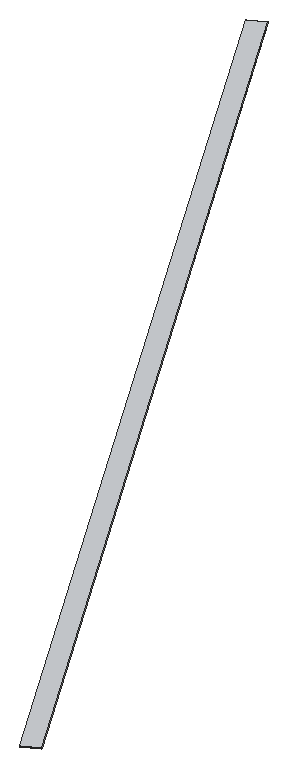
Revit family "停車格", category 停車場, Revit 2014
Parameters (values of type "250x600cm-60°")
  關鍵註記 = "02840"
  長度 = 6000 mm
  角度 = 60.00°
  Assembly Code = ""
  寬度 = 2500 mm
Types (3, lengths in mm): name | 角度
  250x600cm-60° | 60.00°
  250x600cm-45° | 45.00°
  250x600cm-90° | 90.00°
Reference planes
  plane 1 "中心 (前/後)": y = 0
  plane 2: z = 0
  plane 3 "中心 (左/右)": x = 0
  plane 4: y = -304.8
Forms (mm)
  Sweep 1, solid
    path in 3D
      loop
        line (0, 0, 0) -> (3464.102, -6000, 0)
    profile origin (1732.051, -3000, 0) x (0.866025, 0.5, 0) y (0, 0, 1)
      loop
        line (-50.8, 0) -> (50.8, 0) -> (50.8, 3.175) -> (-50.8, 3.175) -> (-50.8, 0)
Lines and regions (mm)
  model lines, style "參考線"
    curve 1: line (2500, 0, 0) -> (5964.102, -6000, 0)
  model lines, style "停車場配置"
    curve 2: line (2500, 0, 0) -> (0, 0, 0)
    curve 3: line (0, 0, 0) -> (3464.102, -6000, 0)
  sketch lines
    curve 4: line (0, 0, 0) -> (3464.102, -6000, 0)
Dimensions and locks
  "寬度": curve 3 to curve 2
  "長度": curve 2 to curve 1
  "角度": angle curve 3 to plane 4
  "角度": angle curve 1 to plane 4
  aligned and locked: plane 1 "中心 (前/後)" to curve 1
  aligned and locked: plane 3 "中心 (左/右)" to curve 2
  aligned and locked: plane 1 "中心 (前/後)" to curve 3
Automatic sketch dimensions
  curve 3 to curve 1 = 0 mm
  profile plane to Sweep 1 sketch curve = 50.8 mm
  Sweep 1 sketch curve to profile plane = 50.8 mm
  Sweep 1 sketch curve to Sweep 1 sketch curve = 3.175 mm
